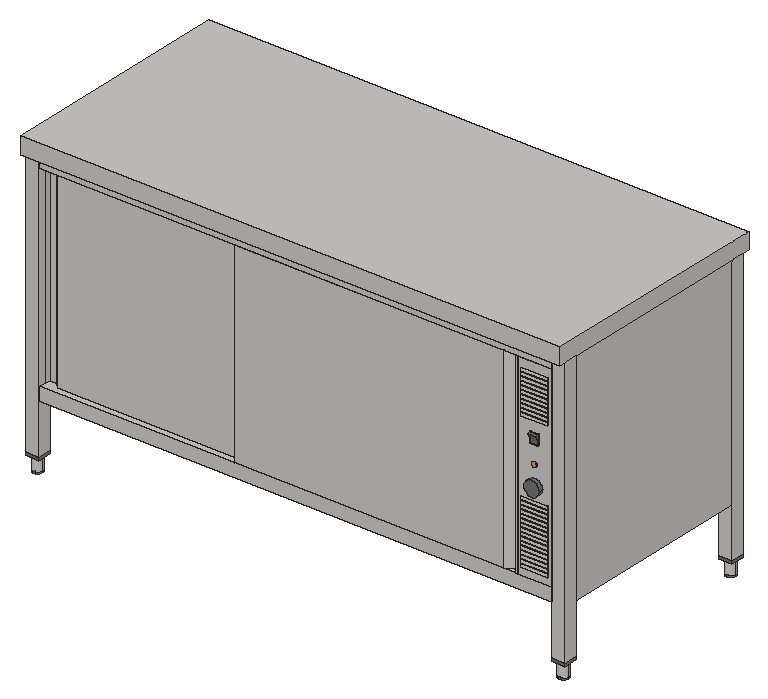
Revit family "QF_ELECTROLUXPROFESSIONAL_134047_GTC1600E", category Attrezzature speciali, Revit 2020
Family settings
  Quota connettore circolare = Usa diametro
  Tipo di parte = Normale
  Basato su piano di lavoro = No
  Sempre verticale = Sì
  Taglio con vuoti quando caricato = No
  Condiviso = No
  Punto di calcolo locali = No
Parameters (values of type "Standard")
  Weight = 89.00 kg
  Watts = 2530 W
  Volts = 220 V
  URL Manufacturer = "https://www.electroluxprofessional.com/"
  URL = "https://www.electroluxprofessional.com/"
  Steam Supply Size = 0 mm
  Steam Supply Minimum Pressure = 0.0 Pa
  Steam Supply Maximum Pressure = 0.0 Pa
  Steam Consumption per Hour = 0
  Refrigeration Suction Line Size = 0.0 mm
  Refrigeration Liquid Line Size = 0.0 mm
  Refrigerant Compressor Remote = yes
  Prospetto di default = 0.0 mm
  Produttore = "Electrolux Professional"
  Phase = 1
  Modello = "GTC1600E"
  Length Actual = 1600.0 mm  # constant formula
  Item Number = "134047"
  Hot Water Size = 0 mm
  Height Actual = 900.0 mm  # constant formula
  HP = "3.4 HP"
  Gas Size = 0 mm
  Gas KW = 0
  Gas Input Pressure = 0 W
  Direct Waste Size = 0 mm
  Descrizione = "HOT CUPBOARD 1600 MM"
  Depth Actual = 700.0 mm  # constant formula
  Cycle = 50 Hz
  Condensate Return Size = 0 mm
  Compressed Air Volume = 0.0 L/s
  Compressed Air Size = 0 mm
  Compressed Air Pressure = 0.0 Pa
  Cold Water Size = 0 mm
  Accessory = yes
Reference planes
  plane 1 "Center (Front/Back)": y = 0
  plane 2: z = 0
  plane 3 "Center (Left/Right)": x = -300
  plane 4 "LEFT": x = -1100
  plane 5 "RIGHT": x = 500
  plane 6 "BACK": y = 350
  plane 7 "FRONT": y = -350
  plane 8 "Base": z = 850
  plane 9 "TOP": z = 900
  plane 10: x = -1080
  plane 11: x = 480
  plane 12: y = 310
  plane 13: y = -310
  plane 14 "BodyLeft": x = -1100
  plane 15 "BodyFront": y = -330
  plane 16 "BodyRight": x = 500
  plane 17 "BodyBack": y = 330
  plane 18 "FEET": z = 200
  plane 19: x = -220
  plane 20: x = -480
  plane 21 "AxeSlideDoor": x = -350
  plane 22: x = 360
  plane 23: x = 410
  plane 24: y = -160
Forms (mm)
  Extrusion 1, solid, material "QF_Finishes_Stainless Steel"
    sketch origin (-300, 0, 0) x (0, 1, 0) y (0, 0, 1)
      loop
        line (-350, 850) -> (350, 850) -> (350, 900) -> (-350, 900) -> (-350, 850)
    from 800 to -800
  Extrusion 2, solid, material "QF_Finishes_Stainless Steel"
    sketch origin (0, 0, 200) x (-1, 0, 0) y (0, -1, 0)
      loop
        line (1100, -290) -> (1100, 290) -> (1060, 290) -> (1060, -290) -> (1100, -290)
      loop
        line (-460, -290) -> (-460, 290) -> (-500, 290) -> (-500, -290) -> (-460, -290)
    from 0 to 650
  Extrusion 3, solid, material "QF_Finishes_Stainless Steel"
    sketch origin (0, 0, 200) x (-1, 0, 0) y (0, -1, 0)
      loop
        line (1060, -290) -> (1060, 330) -> (-460, 330) -> (-460, -290) -> (1060, -290)
    from 0 to 40
  Extrusion 4, solid, material "QF_Finishes_Stainless Steel"
    sketch origin (0, 0, 200) x (-1, 0, 0) y (0, -1, 0)
      loop
        line (1060, -290) -> (-460, -290) -> (-460, -330) -> (1060, -330) -> (1060, -290)
    from 0 to 650
  Extrusion 5, solid, material "QF_Finishes_Stainless Steel"
    sketch origin (0, 0, 200) x (-1, 0, 0) y (0, -1, 0)
      loop
        line (-360, 330) -> (-360, 310) -> (480, 310) -> (480, 330) -> (-320, 330) -> (-340, 315) -> (-355, 315) -> (-355, 330) -> (-360, 330)
    from 40 to 620
  Extrusion 6, solid, material "QF_Finishes_Stainless Steel"
    sketch origin (0, 20, 200) x (1, 0, 0) y (0, 1, 0)
      loop
        line (-1060, -330) -> (-1055, -330) -> (-1055, -315) -> (-1040, -315) -> (-1020, -330) -> (-220, -330) -> (-220, -310) -> (-1060, -310) -> (-1060, -330)
    from 40 to 620
  Extrusion 7, solid, material "QF_Finishes_Stainless Steel"
    sketch origin (0, 0, 200) x (-1, 0, 0) y (0, -1, 0)
      loop
        line (1060, 290) -> (-460, 290) -> (-460, -290) -> (1060, -290) -> (1060, 290)
    from 350 to 390
  Extrusion 8, solid, material "QF_Finishes_Stainless Steel"
    sketch origin (0, 0, 200) x (-1, 0, 0) y (0, -1, 0)
      loop
        line (1060, 330) -> (-460, 330) -> (-460, -310) -> (1060, -310) -> (1060, 330)
    from 620 to 650
  Extrusion 9, solid, material "QF_Finishes_Stainless Steel"
    sketch origin (0, 0, 200) x (-1, 0, 0) y (0, -1, 0)
      loop
        circle (-410, 160) r 10
    from 0 to -5
Lines and regions (mm)
  symbolic lines
    curve 1: line (500, 350, 900) -> (-1100, 350, 900)
    curve 2: line (-1100, 350, 900) -> (-1100, -350, 900)
    curve 3: line (-1100, -350, 900) -> (500, -350, 900)
    curve 4: line (500, -350, 900) -> (500, 350, 900)
  symbolic lines, style "SpecialityEquipmentHiddenLines"
    curve 5: line (-1100, 330, 200) -> (500, 330, 200)
    curve 6: line (-1100, -330, 200) -> (-1100, 330, 200)
    curve 7: line (500, -330, 200) -> (-1100, -330, 200)
    curve 8: line (500, 330, 200) -> (500, -330, 200)
    curve 9: line (-1060, -290, 200) -> (-220, -290, 200)
    curve 10: line (-220, -290, 200) -> (-220, -310, 200)
    curve 11: line (-1060, -310, 200) -> (360, -310, 200)
    curve 12: line (360, -310, 200) -> (360, -330, 200)
    curve 13: line (-480, -310, 200) -> (-480, -330, 200)
    curve 14: line (-1060, -290, 200) -> (-1060, -310, 200)
Dimensions and locks
  plane 4 "LEFT" to plane 5 "RIGHT" = 1600.0 mm
  equal spacing: plane 4 "LEFT", plane 3 "Center (Left/Right)", plane 5 "RIGHT"
  locked: plane 8 "Base" to level at 850
  plane 9 "TOP" to level = 900.0 mm
  plane 6 "BACK" to plane 7 "FRONT" = 700.0 mm
  equal spacing: plane 6 "BACK", plane 1 "Center (Front/Back)", plane 7 "FRONT"
  locked: plane 4 "LEFT" to plane 14 "BodyLeft"
  locked: plane 16 "BodyRight" to plane 5 "RIGHT"
  locked: plane 15 "BodyFront" to plane 7 "FRONT" at 20
  locked: plane 6 "BACK" to plane 17 "BodyBack" at 20
  locked: plane 14 "BodyLeft" to plane 10 at 20
  locked: plane 11 to plane 16 "BodyRight" at 20
  locked: plane 13 to plane 15 "BodyFront" at 20
  locked: plane 17 "BodyBack" to plane 12 at 20
  plane 10 to plane 11 = 1560.0 mm
  plane 12 to plane 13 = 620.0 mm
  locked: plane 14 "BodyLeft" to Extrusion 2 sketch curve at 40
  Extrusion 2 sketch curve to Extrusion 2 sketch curve = 40.0 mm
  locked: plane 18 "FEET" to plane 2 at 200
  plane 22 to plane 5 "RIGHT" = 140.0 mm
  equal spacing: Extrusion 2, plane 21 "AxeSlideDoor", plane 22
  locked: plane 20 to plane 21 "AxeSlideDoor" at 130
  locked: plane 21 "AxeSlideDoor" to plane 19 at 130
  plane 24 to plane 7 "FRONT" = 190.0 mm
  plane 23 to plane 16 "BodyRight" = 90.0 mm
  aligned and locked: level to plane 2
  aligned and locked: plane 10 to nested 1
  aligned and locked: nested 1 to plane 13
  aligned and locked: plane 11 to nested 2
  aligned and locked: nested 2 to plane 13
  aligned and locked: plane 11 to nested 4
  aligned and locked: nested 4 to plane 12
  aligned and locked: plane 10 to nested 3
  aligned and locked: nested 3 to plane 12
  aligned and locked: Extrusion 1 to plane 4 "LEFT"
  aligned and locked: plane 5 "RIGHT" to Extrusion 1
  aligned and locked: curve 2 to plane 4 "LEFT"
  aligned and locked: Extrusion 2 sketch curve to plane 14 "BodyLeft"
  aligned and locked: plane 16 "BodyRight" to Extrusion 2 sketch curve
  aligned and locked: plane 8 "Base" to Extrusion 2
  aligned and locked: Extrusion 5 to Extrusion 3
  aligned and locked: Extrusion 6 sketch curve to plane 19
  aligned and locked: Extrusion 5 sketch curve to plane 20
  aligned and locked: Extrusion 1 to plane 8 "Base"
  aligned and locked: plane 9 "TOP" to Extrusion 1
  aligned and locked: curve 5 to plane 17 "BodyBack"
  aligned and locked: plane 14 "BodyLeft" to curve 6
  aligned and locked: plane 15 "BodyFront" to curve 7
  aligned and locked: plane 16 "BodyRight" to curve 8
  aligned and locked: Extrusion 3 sketch curve to Extrusion 2  (x2)
  aligned and locked: Extrusion 2 to Extrusion 4 sketch curve  (x2)
  aligned and locked: curve 7 to Extrusion 3 sketch curve
  aligned and locked: Extrusion 3 sketch curve to Extrusion 4
  aligned and locked: Extrusion 4 to plane 18 "FEET"
  aligned and locked: plane 22 to Extrusion 5 sketch curve
  aligned and locked: nested 5 to Extrusion 2
  aligned and locked: nested 5 to Extrusion 3
  aligned and locked: Extrusion 8 sketch curve to plane 15 "BodyFront"
  aligned and locked: plane 12 to Extrusion 8 sketch curve
  aligned and locked: curve 12 to plane 22
Automatic sketch dimensions
  curve 3 to plane 5 "RIGHT" = 0.0 mm
  curve 3 to plane 7 "FRONT" = 0.0 mm
  curve 2 to plane 6 "BACK" = 0.0 mm
  Extrusion 1 sketch curve to plane 7 "FRONT" = 0.0 mm
  Extrusion 1 sketch curve to plane 6 "BACK" = 0.0 mm
  Extrusion 1 sketch curve to plane 8 "Base" = 0.0 mm
  Extrusion 1 sketch curve to plane 9 "TOP" = 0.0 mm
  Extrusion 2 sketch curve to plane 12 = 20.0 mm  (x2)
  plane 13 to Extrusion 2 sketch curve = 20.0 mm  (x2)
  Extrusion 4 sketch curve to plane 17 "BodyBack" = 0.0 mm
  Extrusion 4 sketch curve to plane 12 = 20.0 mm
  Extrusion 5 sketch curve to plane 15 "BodyFront" = 0.0 mm  (x2)
  Extrusion 5 sketch curve to plane 13 = 0.0 mm
  Extrusion 5 sketch curve to plane 22 = 5.0 mm
  Extrusion 5 sketch curve to plane 13 = 5.0 mm
  Extrusion 5 sketch curve to Extrusion 5 sketch curve = 15.0 mm
  Extrusion 5 sketch curve to Extrusion 5 sketch curve = 20.0 mm
  Extrusion 6 sketch curve to plane 13 = 0.0 mm  (x2)
  Extrusion 6 sketch curve to plane 10 = 60.0 mm
  Extrusion 6 sketch curve to plane 13 = 15.0 mm
  Extrusion 6 sketch curve to Extrusion 6 sketch curve = 20.0 mm  (x2)
  Extrusion 6 sketch curve to Extrusion 6 sketch curve = 15.0 mm
  Extrusion 6 sketch curve to Extrusion 6 sketch curve = 5.0 mm
  curve 11 to plane 13 = 0.0 mm
  curve 10 to plane 19 = 0.0 mm
  curve 13 to plane 20 = 0.0 mm
  plane 10 to curve 11 = 20.0 mm
  plane 13 to curve 9 = 20.0 mm
  Extrusion 7 sketch curve to plane 11 = 20.0 mm
  plane 10 to Extrusion 7 sketch curve = 20.0 mm
  Extrusion 7 sketch curve to plane 12 = 20.0 mm
  plane 13 to Extrusion 7 sketch curve = 20.0 mm
  Extrusion 8 sketch curve to plane 11 = 20.0 mm
  plane 10 to Extrusion 8 sketch curve = 20.0 mm
  Extrusion 9 sketch curve to plane 23 = 0.0 mm
  Extrusion 9 sketch curve to plane 24 = 0.0 mm
  radius of Extrusion 9 sketch curve = 10.0 mm
Nested families
  nested 1: "FEET_40x40_APP50" at (-1080, -310, 0), type "FEET_40x40_APP50"
  nested 2: "FEET_40x40_APP50" at (480, -310, 0), type "FEET_40x40_APP50"
  nested 3: "FEET_40x40_APP50" at (-1080, 310, 0), type "FEET_40x40_APP50"
  nested 4: "FEET_40x40_APP50" at (480, 310, 0), type "FEET_40x40_APP50"
  nested 5: "WT_PNL100x580" at (546.92, -290, 605) x (1, 0, 0) z (0, -1, 0), type "WT_PNL100x580"
    with Show Logo yes
Connectors
  electrical at (410, -160, 195)
    settings: on Extrusion 9, index 1, voltage 0 V, apparent load 0 VA, apparent load phase1 0 VA, apparent load phase2 0 VA, apparent load phase3 0 VA, power factor 1, load classification "Other", number of poles 1, system type 30, power factor state 1, is connector primary yes, connector utility no, sub classification motor no, connector description "Electrical connection"
Definition of nested family "FEET_40x40_APP50"
  Parameters
    Default Elevation = 0.0 mm
    FEET = 850.0 mm
  Reference planes
    plane 1 "Center (Front/Back)": y = 0
    plane 2: z = 0
    plane 3 "Center (Left/Right)": x = 0
    plane 4: z = 850
  Forms (mm)
    Extrusion 1, solid
      sketch origin (0, 0, 0) x (1, 0, 0) y (0, 1, 0)
        loop
          line (-20, -20) -> (20, -20) -> (20, 20) -> (-20, 20) -> (-20, -20)
      from 50 to 850
    Extrusion 2, solid
      sketch origin (0, 0, 0) x (1, 0, 0) y (0, 1, 0)
        loop
          circle (0, 0) r 15
      from 0 to 5
    Extrusion 3, solid
      sketch origin (0, 0, 0) x (1, 0, 0) y (0, 1, 0)
        loop
          line (-20, -20) -> (20, -20) -> (20, 20) -> (-20, 20) -> (-20, -20)
      from 50 to 42
    Extrusion 4, solid
      sketch origin (0, 0, 0) x (1, 0, 0) y (0, 1, 0)
        loop
          circle (0, 0) r 15
      from 5 to 42
  Lines and regions (mm)
    symbolic lines
      curve 1: line (0, -1.503, 0) -> (0, 1.508, 0)
      curve 2: line (1.561, 0, 0) -> (-1.439, 0, 0)
  Dimensions and locks
    "FEET": plane 4 to plane 2
    aligned and locked: level to plane 2
  Automatic sketch dimensions
    plane 1 "Center (Front/Back)" to curve 2 = 0.0 mm
    curve 1 to plane 3 "Center (Left/Right)" = 0.0 mm
    curve 2 to plane 3 "Center (Left/Right)" = 1.439 mm
    plane 3 "Center (Left/Right)" to curve 2 = 1.561 mm
    plane 1 "Center (Front/Back)" to curve 1 = 1.503 mm
    curve 1 to plane 1 "Center (Front/Back)" = 1.508 mm
    Extrusion 1 sketch curve to plane 3 "Center (Left/Right)" = 20.0 mm
    plane 3 "Center (Left/Right)" to Extrusion 1 sketch curve = 20.0 mm
    plane 1 "Center (Front/Back)" to Extrusion 1 sketch curve = 20.0 mm
    Extrusion 1 sketch curve to plane 1 "Center (Front/Back)" = 20.0 mm
    plane 1 "Center (Front/Back)" to Extrusion 2 sketch curve = 0.0 mm
    Extrusion 2 sketch curve to plane 3 "Center (Left/Right)" = 0.0 mm
    Extrusion 3 sketch curve to plane 3 "Center (Left/Right)" = 20.0 mm
    plane 3 "Center (Left/Right)" to Extrusion 3 sketch curve = 20.0 mm
    plane 1 "Center (Front/Back)" to Extrusion 3 sketch curve = 20.0 mm
    Extrusion 3 sketch curve to plane 1 "Center (Front/Back)" = 20.0 mm
    plane 1 "Center (Front/Back)" to Extrusion 4 sketch curve = 0.0 mm
    Extrusion 4 sketch curve to plane 3 "Center (Left/Right)" = 0.0 mm
    radius of Extrusion 2 sketch curve = 15.0 mm
    radius of Extrusion 4 sketch curve = 15.0 mm
Definition of nested family "WT_PNL100x580"
  Parameters
    Show Logo [instance] = yes
    Default Elevation = 1219.2 mm
  Reference planes
    plane 1 "Center (Front/Back)": y = -75
    plane 2: z = 0
    plane 3 "Center (Left/Right)": x = -136.92
    plane 4: x = -186.92
    plane 5: x = -86.92
    plane 6 "TOP": z = 40
  Forms (mm)
    Extrusion 1, solid
      sketch origin (0, 0, 0) x (1, 0, 0) y (0, 1, 0)
        loop
          line (-1219.2, 1219.2) -> (-1219.2, -1219.2) -> (1219.2, -1219.2) -> (1219.2, 1219.2) -> (-1219.2, 1219.2)
      from 0 to -304.8
    Extrusion 2, solid
      sketch origin (0, 35, 0) x (1, 0, 0) y (0, 1, 0)
        loop
          line (-186.92, 180) -> (-186.92, -400) -> (-86.92, -400) -> (-86.92, 180) -> (-186.92, 180)
      from 0 to 40
    Extrusion 3, solid
      sketch origin (0, 35, 40) x (-1, 0, 0) y (0, -1, 0)
        loop
          circle (136.92, 151.711) r 22.964
      from 0 to 11.071
    Extrusion 4, solid
      sketch origin (-136.92, 35, 0) x (0, 1, 0) y (0, 0, 1)
        loop
          line (95.896, 40) -> (104.899, 40) -> (95.896, 41.206) -> (95.896, 40)
        loop
          line (107.896, 40) -> (116.899, 40) -> (107.896, 41.206) -> (107.896, 40)
        loop
          line (119.896, 40) -> (128.899, 40) -> (119.896, 41.206) -> (119.896, 40)
        loop
          line (131.896, 40) -> (140.899, 40) -> (131.896, 41.206) -> (131.896, 40)
        loop
          line (143.896, 40) -> (152.899, 40) -> (143.896, 41.206) -> (143.896, 40)
        loop
          line (-246.104, 40) -> (-237.101, 40) -> (-246.104, 41.206) -> (-246.104, 40)
        loop
          line (-234.104, 40) -> (-225.101, 40) -> (-234.104, 41.206) -> (-234.104, 40)
        loop
          line (-222.104, 40) -> (-213.101, 40) -> (-222.104, 41.206) -> (-222.104, 40)
        loop
          line (-210.104, 40) -> (-201.101, 40) -> (-210.104, 41.206) -> (-210.104, 40)
        loop
          line (-198.104, 40) -> (-189.101, 40) -> (-198.104, 41.206) -> (-198.104, 40)
        loop
          line (-318.104, 40) -> (-309.101, 40) -> (-318.104, 41.206) -> (-318.104, 40)
        loop
          line (-306.104, 40) -> (-297.101, 40) -> (-306.104, 41.206) -> (-306.104, 40)
        loop
          line (-294.104, 40) -> (-285.101, 40) -> (-294.104, 41.206) -> (-294.104, 40)
        loop
          line (-282.104, 40) -> (-273.101, 40) -> (-282.104, 41.206) -> (-282.104, 40)
        loop
          line (-270.104, 40) -> (-261.101, 40) -> (-270.104, 41.206) -> (-270.104, 40)
        loop
          line (-258.104, 40) -> (-249.101, 40) -> (-258.104, 41.206) -> (-258.104, 40)
        loop
          line (-366.104, 40) -> (-357.101, 40) -> (-366.104, 41.206) -> (-366.104, 40)
        loop
          line (-354.104, 40) -> (-345.101, 40) -> (-354.104, 41.206) -> (-354.104, 40)
        loop
          line (-342.104, 40) -> (-333.101, 40) -> (-342.104, 41.206) -> (-342.104, 40)
        loop
          line (-330.104, 40) -> (-321.101, 40) -> (-330.104, 41.206) -> (-330.104, 40)
        loop
          line (-378.104, 40) -> (-369.101, 40) -> (-378.104, 41.206) -> (-378.104, 40)
        loop
          line (23.896, 40) -> (32.899, 40) -> (23.896, 41.206) -> (23.896, 40)
        loop
          line (35.896, 40) -> (44.899, 40) -> (35.896, 41.206) -> (35.896, 40)
        loop
          line (47.896, 40) -> (56.899, 40) -> (47.896, 41.206) -> (47.896, 40)
        loop
          line (59.896, 40) -> (68.899, 40) -> (59.896, 41.206) -> (59.896, 40)
        loop
          line (71.896, 40) -> (80.899, 40) -> (71.896, 41.206) -> (71.896, 40)
        loop
          line (83.896, 40) -> (92.899, 40) -> (83.896, 41.206) -> (83.896, 40)
      from -40 to 40
    Extrusion 5, solid
      sketch origin (0, -5, 40) x (-1, 0, 0) y (0, -1, 0)
        loop
          line (123.92, -32.89) -> (149.92, -32.89) -> (149.92, -1.89) -> (123.92, -1.89) -> (123.92, -32.89)
        loop
          line (148.92, -31.89) -> (148.92, -2.89) -> (124.92, -2.89) -> (124.92, -31.89) -> (148.92, -31.89)
      from 0 to 1.6
    Extrusion 6, solid
      sketch origin (0, 95, 40) x (-1, 0, 0) y (0, -1, 0)
        loop
          circle (136.92, 151.711) r 7
      from 0 to 1.6
    Extrusion 7, solid
      sketch origin (-136.92, 35, 0) x (0, 1, 0) y (0, 0, 1)
        loop
          line (-37.11, 38) -> (-8.11, 38) -> (-8.11, 41.206)
          arc (-8.11, 41.206) -> (-8.756, 45.488) -> (-10.639, 49.389) r 14.5
          arc (-10.639, 49.389) -> (-23.172, 43.026) -> (-37.11, 41.206) r 41.552
          line (-37.11, 41.206) -> (-37.11, 38)
      from -12 to 12
  Dimensions and locks
    equal spacing: plane 4, plane 3 "Center (Left/Right)", plane 5
    plane 6 "TOP" to level = 40.0 mm
    Extrusion 2 to Extrusion 2 = 580.0 mm
    plane 4 to plane 5 = 100.0 mm
    aligned and locked: plane 2 to Extrusion 1
    aligned and locked: level to Extrusion 1
  Automatic sketch dimensions
    Extrusion 1 sketch curve to Extrusion 1 sketch curve = 2438.4 mm  (x2)
    Extrusion 2 sketch curve to plane 4 = 0.0 mm
    Extrusion 2 sketch curve to plane 5 = 0.0 mm
    Extrusion 3 sketch curve to plane 3 "Center (Left/Right)" = 0.0 mm
    plane 1 "Center (Front/Back)" to Extrusion 3 sketch curve = 41.711 mm
    plane 3 "Center (Left/Right)" to Extrusion 5 sketch curve = 13.0 mm
    Extrusion 5 sketch curve to plane 3 "Center (Left/Right)" = 13.0 mm
    Extrusion 5 sketch curve to plane 1 "Center (Front/Back)" = 102.89 mm
    Extrusion 5 sketch curve to Extrusion 5 sketch curve = 31.0 mm
    Extrusion 6 sketch curve to plane 3 "Center (Left/Right)" = 0.0 mm
    Extrusion 6 sketch curve to plane 1 "Center (Front/Back)" = 18.289 mm
    Extrusion 4 sketch curve to plane 6 "TOP" = 0.0 mm  (x27)
    Extrusion 4 sketch curve to Extrusion 4 sketch curve = 9.003 mm  (x27)
    Extrusion 4 sketch curve to Extrusion 4 sketch curve = 2.997 mm  (x25)
    plane 6 "TOP" to Extrusion 4 sketch curve = 1.206 mm  (x27)
    Extrusion 4 sketch curve to plane 1 "Center (Front/Back)" = 133.896 mm
    Extrusion 5 sketch curve to Extrusion 5 sketch curve = 1.0 mm  (x4)
    Extrusion 7 sketch curve to plane 6 "TOP" = 2.0 mm
    Extrusion 7 sketch curve to plane 1 "Center (Front/Back)" = 72.89 mm
    Extrusion 7 sketch curve to plane 1 "Center (Front/Back)" = 74.556 mm
    plane 6 "TOP" to Extrusion 7 sketch curve = 1.206 mm  (x2)
    Extrusion 7 sketch curve to Extrusion 7 sketch curve = 14.5 mm  (x2)
    Extrusion 7 sketch curve to Extrusion 7 sketch curve = 2.529 mm
    Extrusion 2 sketch curve to plane 1 "Center (Front/Back)" = 290.0 mm
    plane 1 "Center (Front/Back)" to Extrusion 2 sketch curve = 290.0 mm
    plane 1 "Center (Front/Back)" to Extrusion 4 sketch curve = 79.101 mm
    radius of Extrusion 3 sketch curve = 22.964 mm
    radius of Extrusion 6 sketch curve = 7.0 mm
